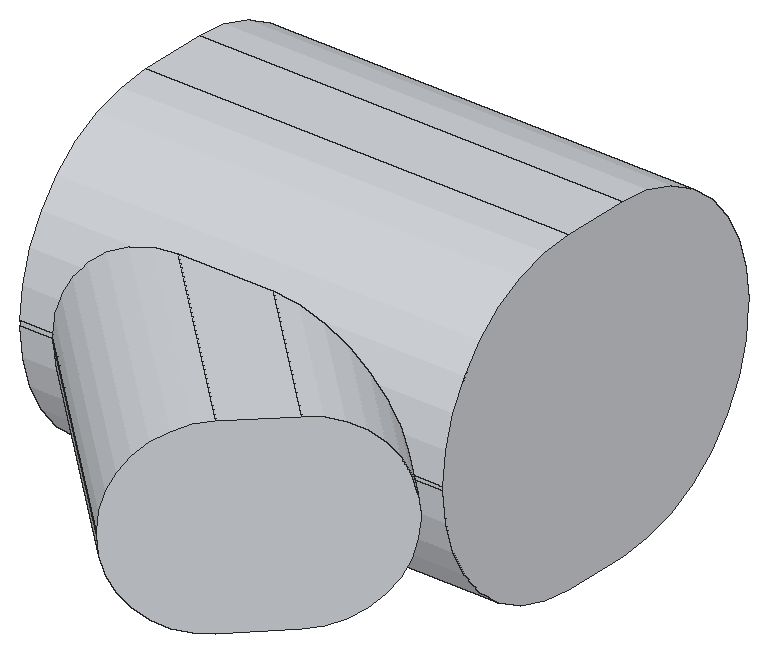
Revit family "2941cdd306314bea867daa093571ba81", category Duct Fittings, Revit 2021
Family settings
  Round Connector Dimension = Use Diameter
  Part Type = Lateral Tee
  OmniClass Number = 23.75.70.14
  OmniClass Title = Air Ductwork
  Seek Item ID = Oval Tee - Lateral-0000-USA-ENU
  Work Plane-Based = No
  Always vertical = Yes
  Cut with Voids When Loaded = No
  Shared = No
Parameters (values of type "Standard")
  Width 2 [instance] = if(Angle 1 > 90.00°, 2 * Duct Width 1, 0' 0 1/2")  # 1/2"
  Width 1 [instance] = if(Angle 1 < 90.00°, 2 * Duct Width 1, 0' 0 1/2")  # 24"
  Length 7 [instance] = abs(Duct Length 1 - Duct Length 2 - 0.5 * Duct Width 3 * sin(Angle 2)) + Length 6  # 2.67157"
  Length 6 [instance] = 1/2"
  Length 5 [instance] = Duct Length 3 * sin(Angle 1)  # 10.24264"
  Length 4 [instance] = Length 1 - Duct Length 3 * cos(Angle 1)  # 1189.75736"
  Length 3 [instance] = if(Angle 1 < 90.00°, (Length 1 - Duct Length 2 + Duct Length 1), (Length 1 + Duct Length 2))  # 1200.65685"
  Length 2 [instance] = if(Angle 1 < 90.00°, (Length 1 - Duct Length 2), (Length 1 + Duct Length 2 - Duct Length 1))  # 1187.34315"
  Height 2 [instance] = if(Angle 1 > 90.00°, 2 * Duct Height 1, 0' 0 1/2")  # 1/2"
  Height 1 [instance] = if(Angle 1 < 90.00°, 2 * Duct Height 1, 0' 0 1/2")  # 20"
  Duct Width 3 [instance] = 8"
  Duct Width 1 [instance] = 12"
  Length 1 [instance] = 1200"
  Duct Length 3 [instance] = if(Angle 1 = 90.00°, (0.5 * Duct Width 1 / sin(Angle 2) + 0' 2"), (0.5 * Duct Width 1 / sin(Angle 2) + 0.5 * Duct Width 3 / tan(Angle 2) + 0' 2"))  # 14.48528"
  Duct Length 2 [instance] = if(Angle 1 = 90.00°, (0.5 * Duct Width 3 / sin(Angle 2) + 0' 1"), (0.5 * Duct Width 1 / tan(Angle 2) + 0.5 * Duct Width 3 / sin(Angle 2) + 0' 1"))  # 12.65685"
  Duct Length 1 [instance] = Duct Width 3 / sin(Angle 2) + 0' 2"  # 13.31371"
  Duct Height 3 [instance] = 6"
  Duct Height 1 [instance] = 10"
  Default Elevation = 0' - 0"
  Angle 2 [instance] = if(Angle 1 < 90.00°, Angle 1, (180.00° - Angle 1))  # 45.00°
  Angle 1 [instance] = 45.00°
Reference planes (in)
  plane 1 "Center (Front/Back)": y = 0
  plane 2: z = 0
  plane 3 "Center (Left/Right)": x = 0
  plane 4: x = -0.65685
  plane 5: x = 12.65685
  plane 6: y = -10.24264
  plane 7: x = 1200
  plane 8: x = 10.24264
  plane 9: x = -3.32843
  plane 10: x = 15.32843
Forms (in)
  Sweep 1, solid, detail levels medium+fine
    path in 3D
      loop
        line (-0.65685, 0, 0) -> (12.65685, 0, 0)
    profile "Duct - Oval : Duct - Oval 1" origin (6, 0, 0) x (0, 1, 0) y (0, 0, 1)
      loop
        line (-6, 0.0625) -> (-6, -0.0625)
        arc (-6, -0.0625) -> (-4.55384, -3.55384) -> (-1.0625, -5) r 4.9375
        line (-1.0625, -5) -> (1.0625, -5)
        arc (1.0625, -5) -> (4.55384, -3.55384) -> (6, -0.0625) r 4.9375
        line (6, -0.0625) -> (6, 0.0625)
        arc (6, 0.0625) -> (4.55384, 3.55384) -> (1.0625, 5) r 4.9375
        line (1.0625, 5) -> (-1.0625, 5)
        arc (-1.0625, 5) -> (-4.55384, 3.55384) -> (-6, 0.0625) r 4.9375
  Sweep 2, solid, detail levels medium+fine
    path in 3D
      loop
        line (0, 0, 0) -> (10.24264, -10.24264, 0)
    profile "Duct - Oval : Duct - Oval 3" origin (5.12132, -5.12132, 0) x (0.707107, 0.707107, 0) y (0, 0, 1)
      loop
        line (-4, 0.0625) -> (-4, -0.0625)
        arc (-4, -0.0625) -> (-3.13963, -2.13963) -> (-1.0625, -3) r 2.9375
        line (-1.0625, -3) -> (1.0625, -3)
        arc (1.0625, -3) -> (3.13963, -2.13963) -> (4, -0.0625) r 2.9375
        line (4, -0.0625) -> (4, 0.0625)
        arc (4, 0.0625) -> (3.13963, 2.13963) -> (1.0625, 3) r 2.9375
        line (1.0625, 3) -> (-1.0625, 3)
        arc (-1.0625, 3) -> (-3.13963, 2.13963) -> (-4, 0.0625) r 2.9375
  Sweep 3, void
    path in 3D
      loop
        line (-3.32843, 0, 0) -> (-0.65685, 0, 0)
    profile "Duct - Oval : Duct - Oval 4" origin (-1.99264, 0, 0) x (0, 1, 0) y (0, 0, 1)
      loop
        line (-12, 0.0625) -> (-12, -0.0625)
        arc (-12, -0.0625) -> (-9.08937, -7.08937) -> (-2.0625, -10) r 9.9375
        line (-2.0625, -10) -> (2.0625, -10)
        arc (2.0625, -10) -> (9.08937, -7.08937) -> (12, -0.0625) r 9.9375
        line (12, -0.0625) -> (12, 0.0625)
        arc (12, 0.0625) -> (9.08937, 7.08937) -> (2.0625, 10) r 9.9375
        line (2.0625, 10) -> (-2.0625, 10)
        arc (-2.0625, 10) -> (-9.08937, 7.08937) -> (-12, 0.0625) r 9.9375
  Sweep 4, void
    path in 3D
      loop
        line (12.65685, 0, 0) -> (15.32843, 0, 0)
    profile "Duct - Oval : Duct - Oval 5" origin (13.99264, 0, 0) x (0, 1, 0) y (0, 0, 1)
      loop
        line (-0.25, 0.0625) -> (-0.25, -0.0625)
        arc (-0.25, -0.0625) -> (-0.19508, -0.19508) -> (-0.0625, -0.25) r 0.1875
        line (-0.0625, -0.25) -> (0.0625, -0.25)
        arc (0.0625, -0.25) -> (0.19508, -0.19508) -> (0.25, -0.0625) r 0.1875
        line (0.25, -0.0625) -> (0.25, 0.0625)
        arc (0.25, 0.0625) -> (0.19508, 0.19508) -> (0.0625, 0.25) r 0.1875
        line (0.0625, 0.25) -> (-0.0625, 0.25)
        arc (-0.0625, 0.25) -> (-0.19508, 0.19508) -> (-0.25, 0.0625) r 0.1875
Cuts and joins
  Sweep 3, Sweep 4 cuts Sweep 2
  Sweep 3, Sweep 4 cuts Sweep 1
Lines and regions (in)
  model lines, detail levels coarse
    curve 1: line (-0.65685, 0, 0) -> (12.65685, 0, 0)
    curve 3: line (0, 0, 0) -> (10.24264, -10.24264, 0)
  sketch lines
    curve 2: line (-0.65685, 0, 0) -> (12.65685, 0, 0)
    curve 4: line (0, 0, 0) -> (10.24264, -10.24264, 0)
    curve 7: line (-3.32843, 0, 0) -> (-0.65685, 0, 0)
    curve 8: line (12.65685, 0, 0) -> (15.32843, 0, 0)
  model lines, not visible
    curve 5: line (-3.32843, 0, 0) -> (-0.65685, 0, 0)
    curve 6: line (12.65685, 0, 0) -> (15.32843, 0, 0)
Dimensions and locks (in)
  "Length 1": plane 3 "Center (Left/Right)" to plane 7
  "Length 3": plane 4 to plane 7
  "Length 2": plane 5 to plane 7
  "Length 5": plane 6 to plane 1 "Center (Front/Back)"
  "Length 4": plane 8 to plane 7
  "Length 7": plane 9 to plane 4
  "Length 7": plane 5 to plane 10
  aligned and locked: plane 1 "Center (Front/Back)" to curve 1
  aligned and locked: plane 3 "Center (Left/Right)" to curve 3
  aligned and locked: plane 1 "Center (Front/Back)" to curve 3
  aligned and locked: plane 6 to curve 3
  aligned and locked: plane 8 to curve 3
  aligned and locked: plane 1 "Center (Front/Back)" to curve 5
  aligned and locked: plane 9 to curve 5
  aligned and locked: plane 4 to curve 5
  aligned and locked: plane 5 to curve 6
  aligned and locked: plane 10 to curve 6
Connectors (in)
  hvac at (-0.65685, 0, 0), driven by "Duct Height 1", driven by "Duct Width 1"
    settings: on cut or joined group of Sweep 1, Sweep 3, Sweep 4, index 1, duct flow 0 CFM, flow factor 0, pres drop 0.00 in-wg, loss coef 0, conn angle 0.00°, conn width 12", conn height 10", conn diameter 24", duct sys type 28, conn prof type 2, flow config 0, flow direction 0, loss method 0, conn ref index 2, conn util no, is conn primary yes, conn desc ""
  hvac at (12.65685, 0, 0), driven by "Duct Height 1", driven by "Duct Width 1"
    settings: on cut or joined group of Sweep 1, Sweep 3, Sweep 4, index 2, duct flow 0 CFM, flow factor 0, pres drop 0.00 in-wg, loss coef 0, conn angle 0.00°, conn width 12", conn height 10", conn diameter 24", duct sys type 28, conn prof type 2, flow config 0, flow direction 0, loss method 0, conn ref index 1, conn util no, is conn primary no, conn desc ""
  hvac at (10.24264, -10.24264, 0), driven by "Duct Height 3", driven by "Duct Width 3", driven by "Angle 1"
    settings: on cut or joined group of Sweep 2, Sweep 3, Sweep 4, index 3, duct flow 0 CFM, flow factor 0, pres drop 0.00 in-wg, loss coef 0, conn angle 45.00°, conn width 8", conn height 6", conn diameter 24", duct sys type 28, conn prof type 2, flow config 0, flow direction 0, loss method 0, conn ref index -1, conn util no, is conn primary no, conn desc ""
